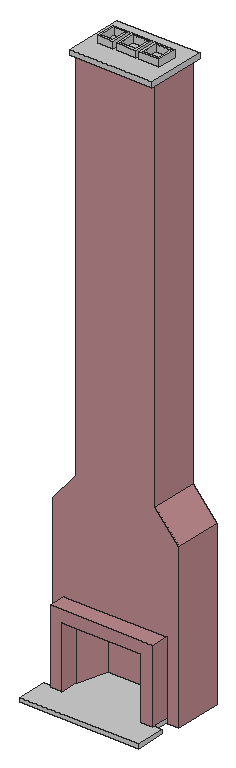
Revit family
Parameters (values of type "Chimney")
  c1 = Width - 558.8 mm  # 1066.8 mm
  Width = 1625.6 mm
  Top Of Masonry = 7315.2 mm
  Keynote = "F"
  Hearth Width = 1524 mm
  Hearth Material = Concrete - Cast-in-Place Concrete
  Hearth Depth = 381 mm
  Fire Box Width = 1016 mm
  Fire Box Height = 838.2 mm
  Fire Box Depth = 381 mm
  Interior Material = Masonry - Brick
  Exterior Material = Masonry - Brick
  Depth = 609.6 mm
  Base = 2438.4 mm
Reference planes
  plane 1: y = 0
  plane 2 "Center (Left/Right)": x = 0
  plane 3 "Wall Edge": y = 101.6
  plane 4: y = 711.2
  plane 5: x = 812.8
  plane 6: x = -812.8
  plane 7: z = 838.2
  plane 8: x = 508
  plane 9: x = -508
  plane 10: z = 990.6
  plane 11: y = 101.6
  plane 12: y = -101.6
  plane 13: y = -120.65
  plane 14: z = 7315.2
  plane 15: z = 2438.4
  plane 16: x = -660.4
  plane 17: x = 660.4
  plane 18: x = 457.2
  plane 19: x = -457.2
  plane 20: z = 2082.8
  plane 21: y = 482.6
  plane 22: x = -406.4
  plane 23: x = 406.4
  plane 24: z = 50.8
  plane 25: y = -482.6
  plane 26: x = -762
  plane 27: x = 762
  plane 28: z = 7378.7
  plane 29: z = 7467.6
Forms (mm)
  Extrusion 1, solid, material "Masonry - Brick" <- "Exterior Material"
    sketch origin (0, 101.6, 0) x (1, 0, 0) y (0, 0, 1)
      loop
        line (812.8, 0) -> (812.8, 2082.8) -> (508, 2438.4) -> (508, 7315.2) -> (-508, 7315.2) -> (-508, 2438.4) -> (-812.8, 2082.8) -> (-812.8, 0) -> (812.8, 0)
    from -609.6 to 0
  Extrusion 2, void
    sketch origin (0, 0, 0) x (1, 0, 0) y (0, 1, 0)
      loop
        line (-508, 101.6) -> (508, 101.6) -> (406.4, 482.6) -> (-406.4, 482.6) -> (-508, 101.6)
    from 0 to 838.2
  Extrusion 3, solid, material "Masonry - Brick" <- "Exterior Material"
    sketch origin (0, 0, 0) x (1, 0, 0) y (0, 1, 0)
      loop
        line (-660.4, 101.6) -> (-660.4, -120.65) -> (660.4, -120.65) -> (660.4, 101.6) -> (-660.4, 101.6)
    from 50.8 to 990.6
  Extrusion 4, void
    sketch origin (0, 0, 0) x (1, 0, 0) y (0, 1, 0)
      loop
        line (-508, 101.6) -> (-508, -120.65) -> (508, -120.65) -> (508, 101.6) -> (-508, 101.6)
    from 0 to 838.2
  Extrusion 5, solid, material "Concrete - Cast-in-Place Concrete" <- "Hearth Material"
    sketch origin (0, 0, 0) x (1, 0, 0) y (0, 1, 0)
      loop
        line (-660.4, -101.6) -> (-762, -101.6) -> (-762, -482.6) -> (762, -482.6) -> (762, -101.6) -> (660.4, -101.6) -> (660.4, 101.6) -> (508, 101.6) -> (406.4, 482.6) -> (-406.4, 482.6) -> (-508, 101.6) -> (-660.4, 101.6) -> (-660.4, -101.6)
    from 0 to 50.8
  Extrusion 6, solid, material "Concrete - Cast-in-Place Concrete"
    sketch origin (0, 0, 0) x (1, 0, 0) y (0, 1, 0)
      loop
        line (-533.4, 787.4) -> (-533.4, 25.4) -> (533.4, 25.4) -> (533.4, 787.4) -> (-533.4, 787.4)
    from 7315.2 to 7378.7
  Extrusion 7, solid, material "Concrete - Cast-in-Place Concrete"
    sketch origin (0, 50.8, 0) x (1, 0, 0) y (0, 1, 0)
      loop
        line (-152.4, 254) -> (101.6, 254) -> (101.6, 508) -> (-152.4, 508) -> (-152.4, 254)
      loop
        line (142.339, 254) -> (396.339, 254) -> (396.339, 508) -> (142.339, 508) -> (142.339, 254)
      loop
        line (-193.139, 254) -> (-193.139, 508) -> (-396.339, 508) -> (-396.339, 254) -> (-193.139, 254)
      loop
        line (-370.939, 482.6) -> (-370.939, 279.4) -> (-218.539, 279.4) -> (-218.539, 482.6) -> (-370.939, 482.6)
      loop
        line (-127, 279.4) -> (76.2, 279.4) -> (76.2, 482.6) -> (-127, 482.6) -> (-127, 279.4)
      loop
        line (167.739, 482.6) -> (167.739, 279.4) -> (370.939, 279.4) -> (370.939, 482.6) -> (167.739, 482.6)
    from 7378.7 to 7467.6
Cuts and joins
  Extrusion 2, Extrusion 4 cuts Extrusion 1
  Extrusion 4 cuts Extrusion 3
  joined: Extrusion 1, Extrusion 3
Lines and regions (mm)
  Opening 1
    outline origin (-1524, -101.6, 0) x (1, 0, 0) y (0, 0, 1)
      loop
        line (863.6, 0) -> (2184.4, 0) -> (2184.4, 990.6) -> (863.6, 990.6) -> (863.6, 0)
Text (mm)
  text "Placement Side" at (0, 1019.848, 3124.603), in view "Right"
  text "Placement Side" at (-1787.662, 723.012, 0), in view "Ref. Level"
  text "Placement Side" at (0, 1206.291, 3571.227), in view "Left"
Dimensions and locks
  locked: plane 3 "Wall Edge" to host wall
  "Width": plane 6 to plane 5
  equal spacing: plane 6, plane 2 "Center (Left/Right)", plane 5
  "Fire Box Width": plane 8 to plane 9
  equal spacing: plane 8, plane 2 "Center (Left/Right)", plane 9
  "Fire Box Height": level to plane 7
  level to plane 14 = 7315.2 mm
  "Depth": plane 3 "Wall Edge" to plane 4
  locked: plane 16 to plane 9 at 152.4
  locked: plane 8 to plane 17 at 152.4
  locked: plane 20 to plane 15 at 355.6
  locked: plane 9 to plane 22 at 101.6
  locked: plane 23 to plane 8 at 101.6
  "Fire Box Depth": plane 3 "Wall Edge" to plane 21
  "Top Of Masonry": level to plane 14
  "Base": level to plane 15
  plane 12 to host wall = 0 mm
  plane 11 to host wall = 0 mm
  locked: plane 13 to plane 12 at 19.05
  locked: plane 24 to level at 50.8
  "Hearth Depth": plane 25 to plane 12
  equal spacing: plane 26, plane 2 "Center (Left/Right)", plane 27
  "Hearth Width": plane 26 to plane 27
  locked: plane 14 to plane 28 at 63.5
  locked: plane 28 to plane 29 at 88.9
  "c1": Extrusion 6 sketch curve to Extrusion 6 sketch curve
  equal spacing: Extrusion 6 sketch curve, plane 2 "Center (Left/Right)", Extrusion 6 sketch curve
  locked: plane 4 to Extrusion 6 sketch curve at 76.2
  locked: plane 11 to Extrusion 6 sketch curve at 76.2
  locked: plane 10 to plane 7 at 152.4
  aligned and locked: Opening 1 sketch curve to plane 10
  aligned and locked: plane 11 to host wall
  aligned and locked: host wall to plane 12
  aligned and locked: Opening 1 sketch curve to plane 17
  aligned and locked: plane 16 to Opening 1 sketch curve
  aligned and locked: Extrusion 1 sketch curve to plane 5
  aligned and locked: Extrusion 1 sketch curve to plane 6
  aligned and locked: Extrusion 1 sketch curve to plane 14
  aligned and locked: Extrusion 1 to plane 4
  aligned and locked: Extrusion 1 to host wall
  aligned and locked: plane 21 to Extrusion 2 sketch curve
  aligned and locked: Extrusion 2 to plane 7
  aligned and locked: Extrusion 3 sketch curve to host wall
  aligned and locked: Extrusion 3 sketch curve to plane 13
  aligned and locked: Extrusion 3 sketch curve to plane 16
  aligned and locked: Extrusion 3 sketch curve to plane 17
  aligned and locked: Extrusion 3 to host wall
  aligned and locked: plane 3 "Wall Edge" to Extrusion 2 sketch curve
  aligned and locked: Extrusion 4 sketch curve to host wall
  aligned and locked: Extrusion 4 sketch curve to plane 8
  aligned and locked: plane 9 to Extrusion 4 sketch curve
  aligned and locked: Extrusion 4 sketch curve to plane 13
  aligned and locked: Extrusion 4 to plane 7
  aligned and locked: plane 24 to Extrusion 3
  aligned and locked: Extrusion 5 sketch curve to plane 25
  aligned and locked: plane 26 to Extrusion 5 sketch curve
  aligned and locked: host wall to Extrusion 5 sketch curve
  aligned and locked: plane 27 to Extrusion 5 sketch curve
  aligned and locked: Extrusion 5 sketch curve to host wall
  aligned and locked: Extrusion 6 to plane 28
  aligned and locked: Extrusion 7 to plane 29
  aligned and locked: plane 28 to Extrusion 7
Automatic sketch dimensions
  Opening 1 sketch curve to level = 0 mm
  Extrusion 1 sketch curve to plane 9 = 0 mm
  Extrusion 1 sketch curve to plane 8 = 0 mm
  Extrusion 1 sketch curve to level = 0 mm
  Extrusion 1 sketch curve to plane 20 = 0 mm  (x2)
  Extrusion 1 sketch curve to plane 15 = 0 mm  (x2)
  Extrusion 2 sketch curve to plane 9 = 0 mm
  Extrusion 2 sketch curve to plane 22 = 0 mm
  Extrusion 2 sketch curve to plane 23 = 0 mm
  Extrusion 2 sketch curve to plane 8 = 0 mm
  Extrusion 5 sketch curve to host wall = 0 mm  (x2)
  Extrusion 5 sketch curve to plane 16 = 0 mm
  Extrusion 5 sketch curve to plane 9 = 0 mm
  Extrusion 5 sketch curve to plane 8 = 0 mm
  Extrusion 5 sketch curve to plane 17 = 0 mm
  plane 9 to Extrusion 5 sketch curve = 101.6 mm
  Extrusion 5 sketch curve to plane 8 = 101.6 mm
  plane 4 to Extrusion 5 sketch curve = 228.6 mm
  Extrusion 7 sketch curve to Extrusion 7 sketch curve = 25.4 mm  (x12)
  Extrusion 7 sketch curve to Extrusion 7 sketch curve = 152.4 mm
  Extrusion 7 sketch curve to Extrusion 7 sketch curve = 40.739 mm  (x2)
  plane 2 "Center (Left/Right)" to Extrusion 7 sketch curve = 76.2 mm
  Extrusion 7 sketch curve to plane 8 = 137.061 mm
  host wall to Extrusion 7 sketch curve = 203.2 mm
  Extrusion 7 sketch curve to Extrusion 7 sketch curve = 0 mm  (x2)
  host wall to Extrusion 7 sketch curve = 228.6 mm
  Extrusion 7 sketch curve to Extrusion 7 sketch curve = 203.2 mm  (x2)
  plane 9 to Extrusion 7 sketch curve = 111.661 mm
